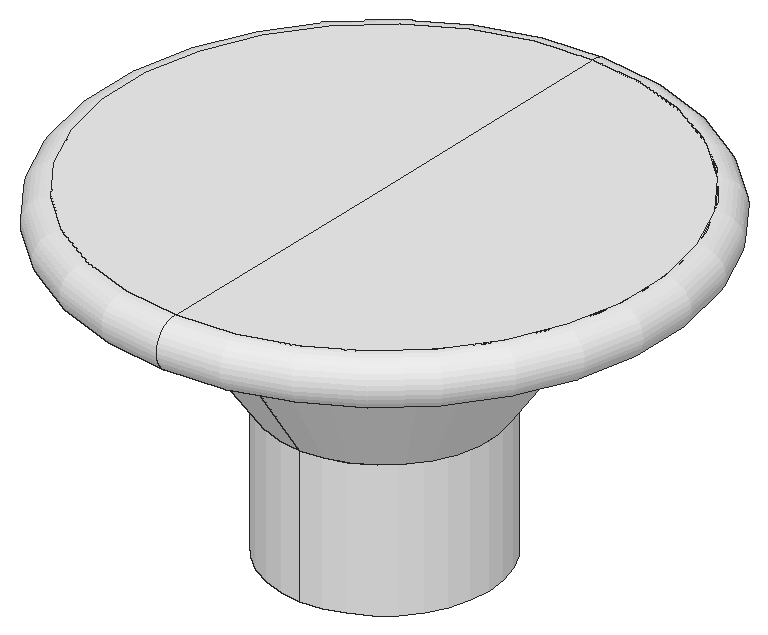
Revit family "Reece_Basin_LAUFEN_ILBAGNOALESSI ONE_Wall Basin_1600 mm", category Plumbing Fixtures, Revit 2018
Family settings
  Round Connector Dimension = Use Diameter
  Part Type = Normal
  Work Plane-Based = Yes
  Always vertical = Yes
  Cut with Voids When Loaded = Yes
  Shared = Yes
  Room Calculation Point = Yes
Parameters (values of type "7.5 L_Left Hand Bowl_No Taphole_Vitreous China_White")
  URL = "https://www.reece.com.au/product/-9504223"
  Type Comments = "Basin"
  Reece_Product_Web Page = "https://www.reece.com.au/product/-9504223"
  Reece_Product_Type = "Basin"  # constant formula
  Reece_Product_Sub Brand = "ILBAGNOALESSI ONE"  # constant formula
  Reece_Product_Number = "9504223"
  Reece_Product_Mount = "Wall Mounted"
  Reece_Product_Description = "LAUFEN Alessi One Wall Basin Left Hand Basin with Fixing No Taphole 1600mm White"
  Reece_Product_Brand = "LAUFEN"  # constant formula
  Reece_Overall_Width = 1600 mm  # constant formula
  Reece_Overall_Height = 165 mm  # constant formula
  Reece_Overall_Depth = 500 mm  # constant formula
  Reece_Overall_Capacity = 7.50 L  # constant formula
  Reece_Material_Main = Reece_Vitreous China_White
  Reece_Height_From_Level [instance] = 900 mm
  Reece_Detail_Shape = "Left Hand Bowl"  # constant formula
  Reece_Detail_Installation = "Wall Basin"  # constant formula
  Reece_Detail_Disclaimer = "THIS FILE IS THE PROPERTY OF THE REECE GROUP. IT MAY NOT BE REPRODUCED, REVERSE-ENGINEERED OR MODIFIED. ANY REPUBLICATION, TRANSMISSION OR DISTRIBUTION FOR THE PURPOSE OF COMMERCIALLY EXPLOITING THE FILES IS PROHIBITED."  # constant formula
  Reece_Detail_Connector = "No Taphole"
  Reece_Detail_Additional = "With Fixing"  # constant formula
  Reece_Basin_Supply Diameter 1 = 0 mm
  Reece_Basin_Outlet = 40 mm  # constant formula
  Reece_1 Taphole = no
  Model = "ILBAGNOALESSI ONE"
  Manufacturer = "LAUFEN"
  Keynote = "Product #9504223, Reece_Basin_LAUFEN_ILBAGNOALESSI ONE_Wall Basin_1600 mm - 7.5 L_Left Hand Bowl_No Taphole_Vitreous China_White"
  Disclaimer = "THIS FILE IS THE PROPERTY OF THE REECE GROUP. IT MAY NOT BE REPRODUCED, REVERSE-ENGINEERED OR MODIFIED. ANY REPUBLICATION, TRANSMISSION OR DISTRIBUTION FOR THE PURPOSE OF COMMERCIALLY EXPLOITING THE FILES IS PROHIBITED."  # constant formula
  Description = "LAUFEN Alessi One Wall Basin Left Hand Basin with Fixing No Tap Hole 1600mm White"
  Default Elevation = 0 mm
Types (2, lengths in mm): name | URL | Reece_Product_Web Page | Reece_Product_Number | Reece_Product_Description | Reece_Detail_Connector | Reece_1 Taphole | Keynote | Description
  7.5 L_Left Hand Bowl_No Taphole_Vitreous China_White | "https://www.reece.com.au/product/-9504223" | "https://www.reece.com.au/product/-9504223" | "9504223" | "LAUFEN Alessi One Wall Basin Left Hand Basin with Fixing No Taphole 1600mm White" | "No Taphole" | no | "Product #9504223, Reece_Basin_LAUFEN_ILBAGNOALESSI ONE_Wall Basin_1600 mm - 7.5 L_Left Hand Bowl_No Taphole_Vitreous China_White" | "LAUFEN Alessi One Wall Basin Left Hand Basin with Fixing No Tap Hole 1600mm White"
  7.5 L_Left Hand Bowl_1 Taphole_Vitreous China_White | "https://www.reece.com.au/product/-9504222" | "https://www.reece.com.au/product/-9504222" | "9504222" | "LAUFEN Alessi One Wall Basin Left Hand Basin with Fixing 1 Taphole 1600mm White" | "1 Taphole" | yes | "Product #9504222, Reece_Basin_LAUFEN_ILBAGNOALESSI ONE_Wall Basin_1600 mm - 7.5 L_Left Hand Bowl_1 Taphole_Vitreous China_White" | "LAUFEN Alessi One Wall Basin Left Hand Basin with Fixing 1 Taphole 1600mm White"
Reference planes
  plane 1 "Center (Front/Back)": y = 0
  plane 2 "Bottom Host Plane": z = 0
  plane 3 "Center (Left/Right)": x = 0
  plane 4: x = -800
  plane 5: y = 250
  plane 6: y = -250
  plane 7: x = 800
  plane 8: y = -100
  plane 9: x = -440
  plane 10: y = 20
  plane 11: y = 175
  plane 12 "height from level": z = 900
Lines and regions (mm)
  model lines, visible <- "Reece_1 Taphole"
    curve 1: circle (-440, 175, 900) r 12.5 normal (0, 0, 1)
  model lines
    curve 2: line (0, 250, 0) -> (0, 250, 900)
Text (mm)
  text "Reece ©" at (2926.499, -2404.06, 2686.253), in view "Reece Preview"
  text "Reece Copyright © 2018, Reece Ltd." at (-526.759, -443.435, 0), in view "Ref. Level"
Dimensions and locks
  "Reece_Overall_Width": plane 4 to plane 7
  equal spacing: plane 4, plane 3 "Center (Left/Right)", plane 7
  "Reece_Overall_Depth": plane 5 to plane 6
  equal spacing: plane 5, plane 1 "Center (Front/Back)", plane 6
  "Reece_Height_From_Level": plane 12 "height from level" to plane 2 "Bottom Host Plane"
  plane 5 to plane 8 = 350 mm
  plane 11 to plane 10 = 155 mm
  plane 4 to plane 9 to plane 7 = 360 mm, 1240 mm
  plane 5 to plane 10 = 230 mm
  "Reece_Overall_Height": plane 12 "height from level" to nested 1
  plane 12 "height from level" to nested 1 = 165 mm
  plane 12 "height from level" to plane 2 "Bottom Host Plane" = 900 mm
  nested 1 to nested 1 = 855 mm
  nested 1 to nested 1 = 455 mm
  aligned and locked: plane 12 "height from level" to curve 2
Automatic sketch dimensions
  curve 1 to plane 9 = 0 mm
  curve 1 to plane 11 = 0 mm
  curve 2 to plane 5 = 0 mm
  curve 2 to level = 0 mm
  radius of curve 1 = 12.5 mm
Nested families
  nested 1: "Reece_Basin_LAUFEN_ILBAGNOALESSI ONE_Wall Basin_1600 mm_Nested" at (-350, 0, 900), Reece_Material_Main <- "Reece_Material_Main", type "Reece_Basin_LAUFEN_ILBAGNOALESSI ONE_Wall Basin_1600 mm_Nested"
    with Reece_Material_Main Reece_Vitreous China_White
Connectors
  piping at (-440, 20.013, 733.782), diameter 40, driven by "Reece_Basin_Outlet"
    settings: on nested 1, index 1, connector inside diameter 609.6 mm, connector length 0 mm, flow factor 0, pipe flow 0.0 L/s, pressure drop 0.0 Pa, fitting loss kfactor 0, connector angle 0.00°, fixture units 0, engagement length 0 mm, angle of deflection 0.00°, flow configuration 0, flow direction 2, fitting loss method 0, system type 16, joint type 0, gender type 0, connector reference index -1, connector utility 0, adjustable connector no, is connector primary yes, connector description ""
Definition of nested family "Reece_Basin_LAUFEN_ILBAGNOALESSI ONE_Wall Basin_1600 mm_Nested"
  Parameters (values of type "Reece_Basin_LAUFEN_ILBAGNOALESSI ONE_Wall Basin_1600 mm_Nested")
    Waste Connection = no
    WFU = 0
    Vent Connection = no
    URL = ""
    Type Comments = ""
    Reece_Material_Main [instance] = none
    Model = ""
    Manufacturer = ""
    Keynote = ""
    HWFU = 0
    HW Connection = no
    Description = ""
    Default Elevation = 0 mm
    Cost = 0
    CWFU = 0
    CW Connection = no
    Assembly Code = ""
  Reference planes
    plane 1 "Center (Front/Back)": y = 0
    plane 2 "Bottom Host Plane": z = 0
    plane 3 "Center (Left/Right)": x = 350
    plane 4: x = -450
    plane 5: y = 250
    plane 6: y = -250
    plane 7: x = 1150
    plane 8 "Top Host Plane": z = -165
    plane 9: y = -100
    plane 10: x = -90
    plane 11: y = 20
    plane 12: y = 180
    plane 13: x = -350
    plane 14: x = -40
    plane 15: x = 815
    plane 16: x = 615
    plane 17: x = 160
    plane 18: z = -50
  Forms (mm)
    Revolve 1, solid, material <- "Reece_Material_Main"
      sketch origin (-90, 99.138, -35) x (0, 1, 0) y (0, 0, 1)
        loop
          line (-79.125, -97) -> (-79.125, -131.218) -> (-68.049, -131.218) -> (-68.049, -117) -> (-57.546, -102) -> (-51.625, -102)
          arc (-51.625, -102) -> (-49.125, -99.5) -> (-51.625, -97) r 2.5
          line (-51.625, -97) -> (-79.125, -97)
        axis (-79.125, -97) -> (-79.125, -131.218)
      angle from 0 to 360
    Extrusion 2, void
      sketch origin (0, 0, 0) x (1, 0, 0) y (0, 0, 1)
        loop
          spline (805, -50) -> (805.341, -51.294) -> (806.34, -52.5) -> (807.929, -53.536) -> (810, -54.33) -> (812.412, -54.83) -> (815, -55) -> (817.588, -54.83) -> (820, -54.33) -> (822.071, -53.536) -> (823.66, -52.5) -> (824.659, -51.294) -> (825, -50)
          spline (825, -50) -> (824.659, -48.706) -> (823.66, -47.5) -> (822.071, -46.464) -> (820, -45.67) -> (817.588, -45.17) -> (815, -45) -> (812.412, -45.17) -> (810, -45.67) -> (807.929, -46.464) -> (806.34, -47.5) -> (805.341, -48.706) -> (805, -50)
        loop
          spline (605, -50) -> (605.341, -51.294) -> (606.34, -52.5) -> (607.929, -53.536) -> (610, -54.33) -> (612.412, -54.83) -> (615, -55) -> (617.588, -54.83) -> (620, -54.33) -> (622.071, -53.536) -> (623.66, -52.5) -> (624.659, -51.294) -> (625, -50)
          spline (625, -50) -> (624.659, -48.706) -> (623.66, -47.5) -> (622.071, -46.464) -> (620, -45.67) -> (617.588, -45.17) -> (615, -45) -> (612.412, -45.17) -> (610, -45.67) -> (607.929, -46.464) -> (606.34, -47.5) -> (605.341, -48.706) -> (605, -50)
        loop
          spline (150, -50) -> (150.341, -51.294) -> (151.34, -52.5) -> (152.929, -53.536) -> (155, -54.33) -> (157.412, -54.83) -> (160, -55) -> (162.588, -54.83) -> (165, -54.33) -> (167.071, -53.536) -> (168.66, -52.5) -> (169.659, -51.294) -> (170, -50)
          spline (170, -50) -> (169.659, -48.706) -> (168.66, -47.5) -> (167.071, -46.464) -> (165, -45.67) -> (162.588, -45.17) -> (160, -45) -> (157.412, -45.17) -> (155, -45.67) -> (152.929, -46.464) -> (151.34, -47.5) -> (150.341, -48.706) -> (150, -50)
        loop
          spline (-50, -50) -> (-49.659, -51.294) -> (-48.66, -52.5) -> (-47.071, -53.536) -> (-45, -54.33) -> (-42.588, -54.83) -> (-40, -55) -> (-37.412, -54.83) -> (-35, -54.33) -> (-32.929, -53.536) -> (-31.34, -52.5) -> (-30.341, -51.294) -> (-30, -50)
          spline (-30, -50) -> (-30.341, -48.706) -> (-31.34, -47.5) -> (-32.929, -46.464) -> (-35, -45.67) -> (-37.412, -45.17) -> (-40, -45) -> (-42.588, -45.17) -> (-45, -45.67) -> (-47.071, -46.464) -> (-48.66, -47.5) -> (-49.659, -48.706) -> (-50, -50)
      from -280.682 to -223.358
  Cuts and joins
    Extrusion 2 cuts ?
  Text (mm)
    text "Reece ©" at (3548.857, -2176.605, 2291.351), in view "Reece Preview"
    text "Reece Copyright © 2018, Reece Ltd." at (-526.759, -443.435, 0), in view "Ref. Level"
  Dimensions and locks
    plane 4 to plane 7 = 1600 mm
    equal spacing: plane 4, plane 3 "Center (Left/Right)", plane 7
    plane 5 to plane 6 = 500 mm
    equal spacing: plane 5, plane 1 "Center (Front/Back)", plane 6
  Automatic sketch dimensions
    plane 11 to Revolve 1 sketch curve = 0.013 mm  (x2)
    Revolve 1 sketch curve to Revolve 1 sketch curve = 11.075 mm
    Revolve 1 sketch curve to Revolve 1 sketch curve = 10.503 mm
    Revolve 1 sketch curve to Revolve 1 sketch curve = 5.921 mm
    Revolve 1 sketch curve to plane 8 "Top Host Plane" = 13 mm
    Revolve 1 sketch curve to Revolve 1 sketch curve = 15 mm
    Revolve 1 sketch curve to Revolve 1 sketch curve = 2.5 mm
    Revolve 1 sketch curve to Revolve 1 sketch curve = 173.582 mm
    level to Revolve 1 sketch curve = 301.433 mm
    plane 8 "Top Host Plane" to Revolve 1 sketch curve = 1.218 mm
    Extrusion 2 sketch curve to plane 18 = 0 mm  (x4)
    Extrusion 2 sketch curve to plane 14 = 0 mm
    plane 17 to Extrusion 2 sketch curve = 0 mm
    Extrusion 2 sketch curve to plane 16 = 0 mm
    Extrusion 2 sketch curve to plane 15 = 0 mm
    Extrusion 2 sketch curve to plane 14 = 10 mm
    plane 17 to Extrusion 2 sketch curve = 10 mm
    Extrusion 2 sketch curve to plane 16 = 10 mm
    Extrusion 2 sketch curve to plane 15 = 10 mm
